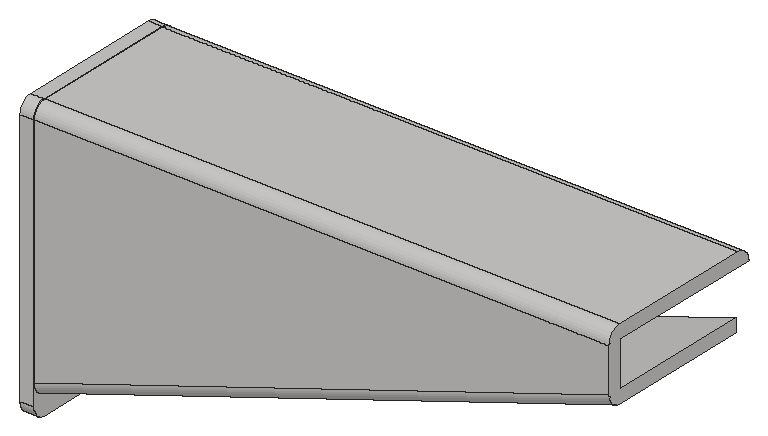
Revit family "E_Cable Tray Support_MEPcontent_OBO Bettermann_Bracket MWA FS", category Cable Tray Fittings, Revit 2015
Parameters (values of type "MWA 12 11S FS")
  Wholesaler Art. No. = ""
  Wholesaler = ""
  Watermarked By = "www.stabiplan.com"
  Width 1 = 110.00 mm
  Width = Width 1  # 110 mm
  URL = "www.stabiplan.com"
  built-in parameter 1140111 [instance] = 2.50 mm  # 0.0082021 (stored number, unit not read)
  Stabu Code = ""
  Revit Version = "2015"  # constant formula
  MEPcontent Class = "CABLE_TRAY_SUPPORT"  # constant formula
  Internal Art. No. = ""
  IFCExportType = "NOTDEFINED"  # constant formula
  IFCExportAs = "IfcCableCarrierFittingType"  # constant formula
  Function Code [instance] = ""
  Front Height = Height / 4  # 13.25 mm
  Family Version = "10.14"  # constant formula
  ETIM Article Class = "EC000022"  # constant formula
  EMCS Version = "2.0"  # constant formula
  Copyright = "© Stabiplan International BV"  # constant formula
  Content Supplier URL = ""
  CB-NL Class = ""
  Article Type = if(and(Width = 110.00 mm, Height = 53.00 mm), "MWA 12 11S FS", if(and(Width = 210.00 mm, Height = 65.00 mm), "MWA 12 21S FS", if(and(Width = 310.00 mm, Height = 75.00 mm), "MWA 12 31S FS", if(and(Width = 410.00 mm, Height = 83.00 mm), "MWA 12 41S FS", "Unknown"))))  # "MWA 12 11S FS"
  Product Line = "OBO BETTERMANN CableTrays"  # constant formula
  Model = if(and(Width = 110.00 mm, Height = 53.00 mm), "MWA 12 11S FS", if(and(Width = 210.00 mm, Height = 65.00 mm), "MWA 12 21S FS", if(and(Width = 310.00 mm, Height = 75.00 mm), "MWA 12 31S FS", if(and(Width = 410.00 mm, Height = 83.00 mm), "MWA 12 41S FS", "Unknown"))))  # "MWA 12 11S FS"
  Manufacturer = "OBO BETTERMANN"  # constant formula
  Custom [instance] = if(and(Width = 110.00 mm, Height = 53.00 mm), 1 = 0, if(and(Width = 210.00 mm, Height = 65.00 mm), 1 = 0, if(and(Width = 310.00 mm, Height = 75.00 mm), 1 = 0, if(and(Width = 410.00 mm, Height = 83.00 mm), 1 = 0, 1 = 1))))  # no
  Height 1 = 53.00 mm
  Height = Height 1  # 53 mm
  GTIN = if(and(Width = 110.00 mm, Height = 53.00 mm), "4012196636853", if(and(Width = 210.00 mm, Height = 65.00 mm), "4012196636976", if(and(Width = 310.00 mm, Height = 75.00 mm), "4012196637034", if(and(Width = 410.00 mm, Height = 83.00 mm), "4012196637096", "Unknown"))))  # "4012196636853"
  Description = "Wall Bracket"  # constant formula
  Depth = 32.50 mm
  Manufacturer URL = "http://catalog4.obo-bettermann.com/catalogue/catalogue.do?forward=showProductGroup&act=showIO&favOid=bss_7086&action=showManyProducts&lang=nl&OID=bss_7086&catId="
  Gray = Color RGB 189-187-185
  Manufacturer Art. No. = if(and(Width = 110.00 mm, Height = 53.00 mm), "6424716", if(and(Width = 210.00 mm, Height = 65.00 mm), "6424732", if(and(Width = 310.00 mm, Height = 75.00 mm), "6424740", if(and(Width = 410.00 mm, Height = 83.00 mm), "6424759", "Unknown"))))  # "6424716"
  Article Description = "Wall Bracket"  # constant formula
Types (4, lengths in mm): name | Width 1 | Width | Front Height | Article Type | Model | Height 1 | Height | GTIN | Depth | Manufacturer Art. No.
  MWA 12 11S FS | 110.00 | 110 | 13.25 | "MWA 12 11S FS" | "MWA 12 11S FS" | 53.00 | 53 | "4012196636853" | 32.50 | "6424716"
  MWA 12 21S FS | 210.00 | 210 | 16.25 | "MWA 12 21S FS" | "MWA 12 21S FS" | 65.00 | 65 | "4012196636976" | 32.50 | "6424732"
  MWA 12 31S FS | 310.00 | 310 | 18.75 | "MWA 12 31S FS" | "MWA 12 31S FS" | 75.00 | 75 | "4012196637034" | 38.00 | "6424740"
  MWA 12 41S FS | 410.00 | 410 | 20.75 | "MWA 12 41S FS" | "MWA 12 41S FS" | 83.00 | 83 | "4012196637096" | 38.00 | "6424759"
Reference planes
  plane 1 "Center (Front/Back)": y = 0
  plane 2: z = 0
  plane 3 "Center (Left/Right)": x = 0
  plane 4: y = 16.25
  plane 5: y = -16.25
  plane 6: x = 110
  plane 7: x = 2.5
  plane 8: z = 26.5
  plane 9: z = -26.5
  plane 10: z = -22.5
  plane 11: z = 13.25
Forms (mm)
  Extrusion 1, solid, material "Color RGB 189-187-185" <- "Gray", detail levels medium+fine
    sketch origin (0, 0, 0) x (0, 1, 0) y (0, 0, 1)
      loop
        line (13.75, 26.5) -> (-13.75, 26.5)
        arc (-13.75, 26.5) -> (-15.518, 25.768) -> (-16.25, 24) r 2.5
        line (-16.25, 24) -> (-16.25, -24)
        arc (-16.25, -24) -> (-15.518, -25.768) -> (-13.75, -26.5) r 2.5
        line (-13.75, -26.5) -> (13.75, -26.5)
        arc (13.75, -26.5) -> (15.518, -25.768) -> (16.25, -24) r 2.5
        line (16.25, -24) -> (16.25, 24)
        arc (16.25, 24) -> (15.518, 25.768) -> (13.75, 26.5) r 2.5
    from 0 to 2.5
  SweptBlend 2, solid, material "Color RGB 189-187-185" <- "Gray", detail levels medium+fine
    path origin (0, 0, 0) x (1, 0, 0) y (0, 0, 1)
      loop
        line (2.5, 0) -> (110, 0)
    profile origin (2.5, 0, 0) x (0, 0, 1) y (0, -1, 0)
      loop
        line (-22.5, -13.25) -> (-20, -13.25) -> (-20, 13.75) -> (24, 13.75) -> (24, -16.25)
        arc (24, -16.25) -> (25.768, -15.518) -> (26.5, -13.75) r 2.5
        line (26.5, -13.75) -> (26.5, 13.75)
        arc (26.5, 13.75) -> (25.768, 15.518) -> (24, 16.25) r 2.5
        line (24, 16.25) -> (-20, 16.25)
        arc (-20, 16.25) -> (-21.768, 15.518) -> (-22.5, 13.75) r 2.5
        line (-22.5, 13.75) -> (-22.5, -13.25)
    end profile origin (110, 0, 0) x (0, 0, 1) y (0, -1, 0)
      loop
        line (13.25, -13.25) -> (15.75, -13.25) -> (15.75, 13.75) -> (24, 13.75) -> (24, -16.25)
        arc (24, -16.25) -> (25.768, -15.518) -> (26.5, -13.75) r 2.5
        line (26.5, -13.75) -> (26.5, 13.75)
        arc (26.5, 13.75) -> (25.768, 15.518) -> (24, 16.25) r 2.5
        line (24, 16.25) -> (15.75, 16.25)
        arc (15.75, 16.25) -> (13.982, 15.518) -> (13.25, 13.75) r 2.5
        line (13.25, 13.75) -> (13.25, -13.25)
Lines and regions (mm)
  model lines, style "Fittings", detail levels coarse
    curve 1: line (0, 0, 26.5) -> (110, 0, 26.5)
    curve 2: line (0, 0, 26.5) -> (0, 0, -26.5)
Dimensions and locks
  equal spacing: plane 4, plane 1 "Center (Front/Back)", plane 5
  "Depth": plane 4 to plane 5
  "Width": plane 6 to plane 3 "Center (Left/Right)"
  locked: plane 7 to plane 3 "Center (Left/Right)" at 2.5
  "Height": plane 8 to plane 9
  equal spacing: plane 8, level, plane 9
  locked: plane 10 to plane 9 at 4
  locked: Extrusion 1 to SweptBlend 2 sketch curve at 3
  locked: SweptBlend 2 sketch curve to plane 5 at 2.5  (x2)
  locked: plane 8 to SweptBlend 2 sketch curve at 2.5  (x2)
  locked: SweptBlend 2 sketch curve to plane 10 at 2.5
  locked: plane 4 to SweptBlend 2 sketch curve at 2.5
  "Front Height": plane 8 to plane 11
  locked: SweptBlend 2 sketch curve to plane 11 at 2.5
  locked: plane 4 to SweptBlend 2 sketch curve at 3
  radius of Extrusion 1 sketch curve = 2.50 mm  (x4)
  radius of SweptBlend 2 sketch curve = 2.50 mm  (x6)
  aligned and locked: level to plane 2
  aligned and locked: plane 8 to Extrusion 1 sketch curve
  aligned and locked: Extrusion 1 sketch curve to plane 4
  aligned and locked: Extrusion 1 sketch curve to plane 9
  aligned and locked: Extrusion 1 sketch curve to plane 5
  aligned and locked: plane 7 to Extrusion 1
  aligned and locked: plane 6 to SweptBlend 2 sketch curve
  aligned and locked: plane 7 to SweptBlend 2 sketch curve
  aligned and locked: SweptBlend 2 sketch curve to plane 2
  aligned and locked: plane 10 to SweptBlend 2 sketch curve
  aligned and locked: plane 5 to SweptBlend 2 sketch curve
  aligned and locked: SweptBlend 2 sketch curve to plane 8
  aligned and locked: plane 4 to SweptBlend 2 sketch curve
  aligned and locked: curve 1 to plane 8
  aligned and locked: curve 2 to Extrusion 1
  aligned and locked: plane 9 to curve 2
Automatic sketch dimensions
  curve 1 to plane 6 = 0.00 mm
  SweptBlend 2 sketch curve to plane 11 = 0.00 mm
  SweptBlend 2 sketch curve to SweptBlend 2 sketch curve = 0.50 mm
  SweptBlend 2 sketch curve to SweptBlend 2 sketch curve = 0.00 mm
